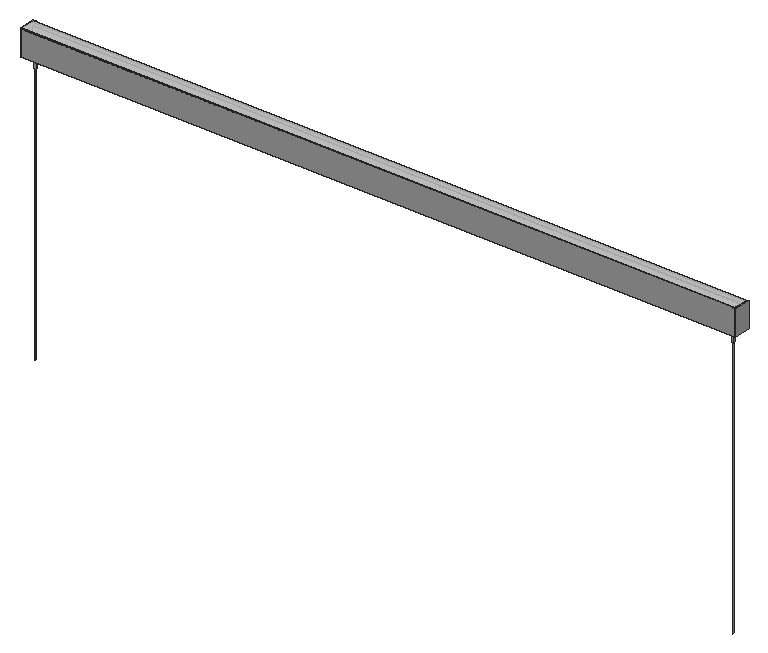
Revit family "2093112 Sylvania Lighting Fixture MC2-KIT D I 2-4M 3K DALIEM WHT PRIS", category Lighting Fixtures, host Face, Revit 2016
Family settings
  Host = Face
  Part Type = Normal
  Round Connector Dimension = Use Diameter
  OmniClass Number = 23.80.70.11.17
  OmniClass Title = Specialized Lighting by Location or Use
  Cut with Voids When Loaded = No
  Light Source = Yes
  Shared = No
  Room Calculation Point = No
Parameters (values of type "2093112 MC2-KIT D/I 2.4M 3K DALIEM WHT PRIS Emergency mode")
  Width_SYL = 54.0 mm
  Weight = "6.6 kg"
  Wattage = 67 W
  WarrantyStartDate [instance] = "n/a"
  WarrantyGuarantorParts = "n/a"
  WarrantyDurationUnit = "n/a"
  WarrantyDurationParts = "n/a"
  WarrantyDescription = "n/a"
  built-in parameter 1150110 = 1 (stored number, unit not read)
  Voltage = 0 V
  URL = "http://www.sylvania-lighting.com"
  TypeName = "MC2-KIT D/I 2.4M 3K DALIEM WHT PRIS Emergency mode"
  built-in parameter 1114217 = 1 (stored number, unit not read)
  Tilt Angle = -90.00°
  built-in parameter 1150109 = 1 (stored number, unit not read)
  built-in parameter 1150134 = (empty or 0)
  built-in parameter 1150113 = 1 (stored number, unit not read)
  SerialNumber [instance] = "n/a"
  PowerFactor = 0.95
  PowerConsumption = "67 W"
  NominalWidth = 0.0 mm
  NominalLength = 2400.0 mm
  NominalHeight = 86.0 mm
  Name = "MC2-KIT D/I 2.4M 3K DALIEM WHT PRIS Emergency mode"
  ModelReference = "MC2-KIT D/I 2.4M 3K DALIEM WHT PRIS"
  ModelNumber = "2093112"
  Material_3_SYL = Metal_Sylvania_Mini Contiuum II_Silver
  Photometric Web File = "2093112EM.ies"
  Material_4_SYL = Metal_Sylvania_Mini Contiuum II_Silver
  MountingHeight_SYL [instance] = 1000.0 mm
  Material = "aluminium housing, polycarbonate diffuser"
  ManufacturerName = "Feilo Sylvania"
  LuminousEfficacy = "1.805 lm/W"
  LuminaireType = ""
  LightOutputRatio = "100"
  Length_SYL = 2400.0 mm
  LampsType = Lamp  # "LED"
  LampNominalLuminous = "121 lm"
  LampMacAdamStep = "3"
  LampColourTemperature = "3000 K"
  LampColourRenderingIndex = "80"
  Keynote = "16500"
  InstallationDate [instance] = "n/a"
  InputVoltage = "n/a"
  InputNominalFrequency = "n/a"
  IngressProtection = "IP20"
  ImpactProtectionIndex = "n/a"
  IfcExportType = "IfcLightFixtureType"
  IfcExportAs = "IfcLightFixtureType"
  Height_SYL = 86.0 mm
  ExpectedLife = 50000
  EndCapRight_SYL = yes
  EndCapLeft_SYL = yes
  Emit from Rectangle Width = Width_SYL - 2.0 mm  # 52.0 mm
  Emit from Rectangle Length = Length_SYL  # 2400.0 mm
  Emit Shape Visible in Rendering = no
  ElectricShockClassification = "Class I"
  DurationUnit = "hours"
  DocumentationLiterature = "http://www.sylvania-lighting.com/product/en-int/products/2093112"
  DimmingControlOptions = "n/a"
  CreatedOn = "10/15/2018"
  CreatedBy = "@sylvania-lighting.com"
  built-in parameter 1114216 [instance] = 1 (stored number, unit not read)
  Model = "MC2-KIT D/I 2.4M 3K DALIEM WHT PRIS"
  Manufacturer = "Feilo Sylvania"
  built-in parameter 1150105 = 9.6289 (stored number, unit not read)
  Lumens = 121 lm
  built-in parameter 1150115 = 1 (stored number, unit not read)
  built-in parameter 1150137 = (empty or 0)
  built-in parameter 1150139 = (empty or 0)
  built-in parameter 1150112 = 1 (stored number, unit not read)
  built-in parameter 1150114 = 1 (stored number, unit not read)
  Lamp = "LED"
  built-in parameter 1150132 = 2
  built-in parameter 1150102 = (empty or 0)
  built-in parameter 1150107 = 3000 (stored number, unit not read)
  built-in parameter 1150138 = (empty or 0)
  built-in parameter 1150106 = 0.096289 (stored number, unit not read)
  Material_1_SYL = Metal_Sylvania_Mini Continuum II_White
  built-in parameter 1150104 = 0.16778 (stored number, unit not read)
  Dimming Lamp Color Temperature Shift = <None>
  Material_2_SYL = Polycarbonate_Sylvania_Mini Continuum II_Opal_4000K
  Description = "2093112   MC2-KIT D/I 2.4M 3K DALIEM WHT PRIS  Continuous lines of LED light, white RAL 9016, direct/indirect distribution (65/35), suspended kit version is pre-wired and supplied complete with end caps and suspension cables, compact and minimalist design based on the Golden Mean, ideal for offices, meeting rooms, corridors, education facilities, museums and libraries, extruded aluminium body, diffuser: micro prismatic, colour temperature: 3000K warm white, total system power: 67W, total fixture output: 7392lm, luminaire efficacy: 110m/W, LOR: 100%, colour rendering: Ra >80, LED Chromacity: 1 step MacAdam ellipse, lifetime: 60,000 hours at 90% of the original output (L90), energy class: A++, A+, A, IR/UV free light source without heat radiation, operating voltage: 220-240V / 50-60Hz, drive current: (Direct) 800mA + (Indirect) 350mA, electronic driver, DALI dimmable, direct/indirect independently addressable, integral emergency: 3 hour maintained, electrical protection: CLASS I, IP20, suitable for internal environment only."
  Default Elevation = 0.0 mm
  Color Filter = 16777215
  built-in parameter 1140040 [instance] = 1
  BarCode [instance] = "n/a"
  built-in parameter 1114218 = 1 (stored number, unit not read)
  built-in parameter 1150133 = 10 (stored number, unit not read)
  AssetType = "Fixed"
  AssetIdentifier [instance] = "n/a"
  Assembly Code = "D5020200"
  Apparent Load = 67 VA
Types (2, lengths in mm): name | TypeName | Name | Photometric Web File | LuminousEfficacy | LampNominalLuminous | built-in parameter 1150105 | Lumens | built-in parameter 1150106 | built-in parameter 1150104
  2093112 MC2-KIT D/I 2.4M 3K DALIEM WHT PRIS Emergency mode | "MC2-KIT D/I 2.4M 3K DALIEM WHT PRIS Emergency mode" | "MC2-KIT D/I 2.4M 3K DALIEM WHT PRIS Emergency mode" | "2093112EM.ies" | "1.805 lm/W" | "121 lm" | 9.6289 (stored number, unit not read) | 121 lm | 0.096289 (stored number, unit not read) | 0.16778 (stored number, unit not read)
  2093112 MC2-KIT D/I 2.4M 3K DALIEM WHT PRIS | "MC2-KIT D/I 2.4M 3K DALIEM WHT PRIS" | "MC2-KIT D/I 2.4M 3K DALIEM WHT PRIS" | "2093112.ies" | "110 lm/W" | "7392 lm" | 586.49 (stored number, unit not read) | 7370 lm | 5.8649 (stored number, unit not read) | 10.219 (stored number, unit not read)
Reference planes
  plane 1 "Center (Front/Back)": y = 0
  plane 2 "Bottom Fixtures": z = 0
  plane 3 "Center (Left/Right)": x = 0
  plane 4 "Fixture Left": x = -1200
  plane 5 "Fixture Right": x = 1200
  plane 6 "Fixture Bottom": z = 1000
  plane 7: z = 998
  plane 8: z = 996
  plane 9: z = 986.951
  plane 10: z = 956.951
  plane 11 "Fixture Top": z = 914
  plane 12 "Mounting Right": x = 1172
  plane 13 "Mounting Left": x = -1172
  plane 14: z = 879
  plane 15: y = 27
  plane 16: y = -27
  plane 17: y = -26
  plane 18: y = -25
  plane 19: y = 26
  plane 20: y = 25
  plane 21: y = 11
  plane 22: y = -11
  plane 23: y = 24
  plane 24: y = 22
  plane 25: y = -22
  plane 26: y = 15
  plane 27: y = -15
  plane 28 "Upper Diffuser Left": x = -1050
  plane 29 "Upper Diffuser Right": x = 1050
  plane 30: x = -1202
  plane 31: x = 1202
Forms (mm)
  Extrusion 1, solid, material "Metal_Sylvania_Mini Continuum II_White" <- "Material_1_SYL", detail levels fine
    sketch origin (0, 0, 520) x (0, 1, 0) y (0, 0, 1)
      loop
        line (27, 480) -> (26, 480) -> (26, 478) -> (25, 478) -> (25, 396) -> (13, 396) -> (13, 398) -> (-13, 398) -> (-13, 396) -> (-25, 396) -> (-25, 478) -> (-26, 478) -> (-26, 480) -> (-27, 480) -> (-27, 394) -> (-11, 394) -> (-11, 396) -> (11, 396) -> (11, 394) -> (27, 394) -> (27, 480)
    from -1200 to 1200
  Extrusion 2, solid, material "Polycarbonate_Sylvania_Mini Continuum II_Opal_4000K" <- "Material_2_SYL", detail levels fine
    sketch origin (0, 0, 520) x (0, 1, 0) y (0, 0, 1)
      loop
        line (-26, 480) -> (-26, 478) -> (26, 478) -> (26, 480) -> (-26, 480)
    from -1200 to 1200
  Extrusion 3, solid, material "Metal_Sylvania_Mini Contiuum II_Silver" <- "Material_3_SYL", detail levels fine
    sketch origin (0, 0, 520) x (0, 1, 0) y (0, 0, 1)
      loop
        line (22, 466.951) -> (20.973, 466.951) -> (14.206, 437.951) -> (11, 437.951) -> (11, 436.951) -> (15, 436.951) -> (22, 466.951)
      loop
        line (-15, 436.951) -> (-11, 436.951) -> (-11, 437.951) -> (-14.206, 437.951) -> (-20.973, 466.951) -> (-22, 466.951) -> (-15, 436.951)
    from -1200 to 1200
  Extrusion 4, solid, material "Metal_Sylvania_Mini Continuum II_White" <- "Material_1_SYL", detail levels coarse+medium
    sketch origin (0, 0, 520) x (0, 1, 0) y (0, 0, 1)
      loop
        line (-27, 480) -> (-27, 394) -> (27, 394) -> (27, 480) -> (-27, 480)
    from -1200 to 1200
  Extrusion 5, solid, material "Metal_Sylvania_Mini Contiuum II_Silver" <- "Material_4_SYL", detail levels fine
    sketch origin (0, 0, -86) x (-1, 0, 0) y (0, -1, 0)
      loop
        circle (1172, 0) r 4
      loop
        circle (-1172, 0) r 4
    from 965 to 1002
  Extrusion 6, solid, material "Metal_Sylvania_Mini Contiuum II_Silver" <- "Material_4_SYL", detail levels fine
    sketch origin (0, 0, -86) x (-1, 0, 0) y (0, -1, 0)
      loop
        circle (-1172, 0) r 1
      loop
        circle (1172, 0) r 1
    from 86 to 965
  Extrusion 7, solid, material "Polycarbonate_Sylvania_Mini Continuum II_Opal_4000K" <- "Material_2_SYL", detail levels fine
    sketch origin (0, 0, 0) x (0, 1, 0) y (0, 0, 1)
      loop
        arc (11, 916) -> (5.59, 914.504) -> (0, 914) r 31.25
        arc (0, 914) -> (-5.59, 914.504) -> (-11, 916) r 31.25
        line (-11, 916) -> (-11, 914.934)
        arc (-11, 914.934) -> (-5.584, 913.487) -> (0, 913) r 32.25
        arc (0, 913) -> (5.584, 913.487) -> (11, 914.934) r 32.25
        line (11, 914.934) -> (11, 916)
    from -1050 to 1050
  Extrusion 8, void
    sketch origin (0, 0, 0) x (0, 1, 0) y (0, 0, 1)
      loop
        line (11, 918) -> (-11, 918) -> (-11, 916) -> (11, 916) -> (11, 918)
    from -1050 to 1050
  Extrusion 9, solid, material "Metal_Sylvania_Mini Continuum II_White" <- "Material_1_SYL", visible <- "EndCapLeft_SYL"
    sketch origin (-1200, 171.684, 1219.2) x (0, 1, 0) y (0, 0, 1)
      loop
        line (-198.684, -305.2) -> (-144.684, -305.2) -> (-144.684, -219.2) -> (-198.684, -219.2) -> (-198.684, -305.2)
    from 0 to -2
  Extrusion 10, solid, material "Metal_Sylvania_Mini Continuum II_White" <- "Material_1_SYL", visible <- "EndCapRight_SYL"
    sketch origin (1200, 171.684, 1219.2) x (0, 1, 0) y (0, 0, -1)
      loop
        line (-144.684, 219.2) -> (-144.684, 305.2) -> (-198.684, 305.2) -> (-198.684, 219.2) -> (-144.684, 219.2)
    from 0 to -2
Cuts and joins
  Extrusion 8 cuts Extrusion 1
Lines and regions (mm)
  Masking region 1
    outline origin (0, 0, -86) x (-1, 0, 0) y (0, -1, 0)
      loop
        line (1200, -27) -> (1200, 27) -> (-1200, 27) -> (-1200, -27) -> (1200, -27)
  symbolic lines, detail levels fine
    curve 1: line (-1200, 26, -86) -> (1200, 26, -86)
    curve 2: line (-1200, -26, -86) -> (1200, -26, -86)
  model lines, detail levels coarse+medium
    curve 3: line (-1172, 0, 914) -> (-1172, 0, 0)
    curve 4: line (1172, 0, 914) -> (1172, 0, 0)
Dimensions and locks
  host sketch curve to plane 3 "Center (Left/Right)" to host sketch curve = 820.0 mm, 775.047 mm
  equal spacing: plane 4 "Fixture Left", plane 3 "Center (Left/Right)", plane 5 "Fixture Right"
  "Length_SYL": plane 4 "Fixture Left" to plane 5 "Fixture Right"
  plane 6 "Fixture Bottom" to plane 7 to plane 8 to plane 9 to plane 10 = 2.0 mm locked, 2.0 mm locked, 9.049 mm locked, 30.0 mm locked
  locked: Extrusion 1 sketch curve to Extrusion 1 sketch curve at 2
  locked: Extrusion 1 sketch curve to plane 11 "Fixture Top" at 2
  "Height_SYL": plane 6 "Fixture Bottom" to plane 11 "Fixture Top"
  locked: plane 12 "Mounting Right" to plane 5 "Fixture Right" at 28
  locked: plane 4 "Fixture Left" to plane 13 "Mounting Left" at 28
  locked: plane 11 "Fixture Top" to plane 14 at 35
  "MountingHeight_SYL": plane 6 "Fixture Bottom" to plane 2 "Bottom Fixtures"
  equal spacing: plane 15, plane 1 "Center (Front/Back)", plane 16
  "Width_SYL": plane 15 to plane 16
  plane 22 to plane 27 to plane 25 to plane 18 to plane 17 to plane 16 = 4.0 mm locked, 7.0 mm locked, 3.0 mm locked, 1.0 mm locked, 1.0 mm locked
  plane 15 to plane 19 to plane 20 to plane 23 to plane 24 to plane 26 to plane 21 = 1.0 mm locked, 1.0 mm locked, 1.0 mm locked, 2.0 mm locked, 7.0 mm locked, 4.0 mm locked
  locked: plane 4 "Fixture Left" to plane 28 "Upper Diffuser Left" at 150
  locked: plane 29 "Upper Diffuser Right" to plane 5 "Fixture Right" at 150
  equal spacing: plane 30, plane 3 "Center (Left/Right)", plane 31
  locked: plane 30 to plane 4 "Fixture Left" at 2
  aligned and locked: plane 2 "Bottom Fixtures" to host face
  aligned and locked: level to host face
  aligned and locked: plane 5 "Fixture Right" to curve 1
  aligned and locked: plane 4 "Fixture Left" to curve 1
  aligned and locked: plane 4 "Fixture Left" to curve 2
  aligned and locked: plane 5 "Fixture Right" to curve 2
  aligned and locked: Extrusion 1 sketch curve to plane 7
  aligned and locked: plane 6 "Fixture Bottom" to Extrusion 1 sketch curve  (x2)
  aligned and locked: plane 7 to Extrusion 1 sketch curve
  aligned and locked: Extrusion 1 to Extrusion 2 sketch curve
  aligned and locked: Extrusion 2 sketch curve to Extrusion 1  (x3)
  aligned and locked: Extrusion 3 sketch curve to plane 10
  aligned and locked: plane 9 to Extrusion 3 sketch curve
  aligned and locked: Extrusion 3 sketch curve to plane 9
  aligned and locked: Extrusion 4 sketch curve to plane 6 "Fixture Bottom"
  aligned and locked: Extrusion 4 to plane 4 "Fixture Left"
  aligned and locked: Extrusion 2 to plane 4 "Fixture Left"
  aligned and locked: Extrusion 3 to plane 4 "Fixture Left"
  aligned and locked: Extrusion 1 to plane 4 "Fixture Left"
  aligned and locked: Extrusion 4 to plane 5 "Fixture Right"
  aligned and locked: Extrusion 2 to plane 5 "Fixture Right"
  aligned and locked: Extrusion 3 to plane 5 "Fixture Right"
  aligned and locked: Extrusion 1 to plane 5 "Fixture Right"
  aligned and locked: plane 11 "Fixture Top" to Extrusion 4 sketch curve
  aligned and locked: Extrusion 1 sketch curve to plane 11 "Fixture Top"  (x2)
  aligned and locked: Extrusion 1 sketch curve to Extrusion 1 sketch curve
  aligned and locked: plane 6 "Fixture Bottom" to imposter light
  aligned and locked: plane 11 "Fixture Top" to curve 3
  aligned and locked: plane 2 "Bottom Fixtures" to curve 3
  aligned and locked: plane 11 "Fixture Top" to curve 4
  aligned and locked: plane 2 "Bottom Fixtures" to curve 4
  aligned and locked: curve 4 to plane 12 "Mounting Right"
  aligned and locked: curve 3 to plane 13 "Mounting Left"
  aligned and locked: Extrusion 5 to Extrusion 1
  aligned and locked: Extrusion 5 to plane 14
  aligned and locked: plane 14 to Extrusion 6
  aligned and locked: Extrusion 6 to level
  aligned and locked: plane 11 "Fixture Top" to Extrusion 7 sketch curve
  aligned and locked: Extrusion 7 to plane 28 "Upper Diffuser Left"
  aligned and locked: Extrusion 7 to plane 29 "Upper Diffuser Right"
  aligned and locked: plane 21 to Extrusion 3 sketch curve
  aligned and locked: Extrusion 3 sketch curve to plane 22
  aligned and locked: Extrusion 8 sketch curve to plane 21
  aligned and locked: Extrusion 8 sketch curve to plane 22
  aligned and locked: Extrusion 8 sketch curve to Extrusion 1  (x2)
  aligned and locked: Extrusion 8 to Extrusion 7  (x2)
  aligned and locked: plane 21 to Extrusion 7 sketch curve
  aligned and locked: plane 1 "Center (Front/Back)" to Extrusion 7 sketch curve
  aligned and locked: plane 22 to Extrusion 7 sketch curve
  aligned and locked: Extrusion 9 sketch curve to Extrusion 4  (x4)
  aligned and locked: Extrusion 9 to plane 30
  aligned and locked: plane 4 "Fixture Left" to Extrusion 9
  aligned and locked: Extrusion 10 sketch curve to Extrusion 4  (x4)
  aligned and locked: plane 31 to Extrusion 10
  aligned and locked: plane 5 "Fixture Right" to Extrusion 10
Automatic sketch dimensions
  host sketch curve to host sketch curve = 1047.463 mm
  plane 19 to curve 1 = 0.0 mm
  curve 2 to plane 17 = 0.0 mm
  Masking region 1 sketch curve to plane 5 "Fixture Right" = 0.0 mm
  Masking region 1 sketch curve to plane 4 "Fixture Left" = 0.0 mm
  plane 15 to Masking region 1 sketch curve = 0.0 mm
  Masking region 1 sketch curve to plane 16 = 0.0 mm
  Extrusion 1 sketch curve to plane 16 = 0.0 mm
  Extrusion 1 sketch curve to plane 17 = 0.0 mm
  Extrusion 1 sketch curve to plane 18 = 0.0 mm
  Extrusion 1 sketch curve to plane 22 = 0.0 mm
  Extrusion 1 sketch curve to plane 21 = 0.0 mm
  Extrusion 1 sketch curve to plane 20 = 0.0 mm
  Extrusion 1 sketch curve to plane 19 = 0.0 mm
  Extrusion 1 sketch curve to plane 15 = 0.0 mm
  plane 11 "Fixture Top" to Extrusion 1 sketch curve = 2.0 mm
  Extrusion 1 sketch curve to plane 22 = 2.0 mm
  Extrusion 1 sketch curve to plane 21 = 2.0 mm
  Extrusion 3 sketch curve to plane 25 = 0.0 mm
  Extrusion 3 sketch curve to plane 27 = 0.0 mm
  Extrusion 3 sketch curve to plane 26 = 0.0 mm
  Extrusion 3 sketch curve to plane 24 = 0.0 mm
  plane 10 to Extrusion 3 sketch curve = 1.0 mm
  Extrusion 3 sketch curve to Extrusion 3 sketch curve = 1.027 mm
  plane 27 to Extrusion 3 sketch curve = 0.794 mm
  plane 26 to Extrusion 3 sketch curve = 0.794 mm
  plane 24 to Extrusion 3 sketch curve = 1.027 mm
  Extrusion 4 sketch curve to plane 16 = 0.0 mm
  Extrusion 4 sketch curve to plane 15 = 0.0 mm
  plane 1 "Center (Front/Back)" to Extrusion 5 sketch curve = 0.0 mm  (x2)
  Extrusion 5 sketch curve to plane 12 "Mounting Right" = 0.0 mm
  Extrusion 5 sketch curve to plane 13 "Mounting Left" = 0.0 mm
  plane 1 "Center (Front/Back)" to Extrusion 6 sketch curve = 0.0 mm  (x2)
  Extrusion 6 sketch curve to plane 12 "Mounting Right" = 0.0 mm
  Extrusion 6 sketch curve to plane 13 "Mounting Left" = 0.0 mm
  Extrusion 7 sketch curve to Extrusion 7 sketch curve = 0.0 mm  (x4)
  plane 11 "Fixture Top" to Extrusion 7 sketch curve = 0.934 mm
  Extrusion 3 sketch curve to Extrusion 3 sketch curve = 0.0 mm
  Extrusion 3 sketch curve to plane 10 = 0.0 mm
  plane 11 "Fixture Top" to Extrusion 7 sketch curve = 2.0 mm
  radius of Extrusion 5 sketch curve = 4.0 mm  (x2)
  radius of Extrusion 6 sketch curve = 1.0 mm  (x2)
Connectors
  electrical at (1200, 0, 949), driven by "Apparent Load"
    settings: on Extrusion 1, index 1, voltage 230 V, apparent load 0 VA, apparent load phase1 67 VA, apparent load phase2 0 VA, apparent load phase3 0 VA, power factor 1, load classification "Lighting", number of poles 1, system type 31, power factor state 1, is connector primary yes, connector utility no, sub classification motor no, connector description ""
